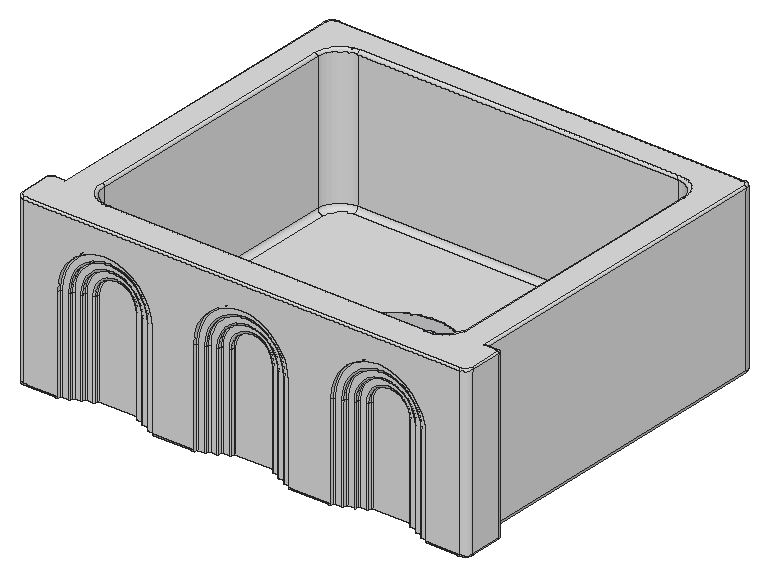
Revit family "Sink-Undermount_Kitchen-KALLISTA-Voussoir-L39742-1", category Plumbing Fixtures, host Face, Revit 2022 (continued)
Definition of nested family "L39743"
  Lines and regions (in)
    symbolic lines
      curve 198: line (8.6829129, 7.503937, 5.0006289) -> (8.6829129, 7.503937, 0.1351537)
      curve 199: line (8.734165, 7.503937, 5.0158391) -> (8.734165, 7.503937, 0.1351537)
      curve 200: line (9.2110421, 7.503937, 4.9979365) -> (9.2110421, 7.503937, 0.1351537)
      curve 201: line (9.1530501, 7.503937, 4.9899119) -> (9.1530501, 7.503937, 0.1351537)
      curve 202: line (9.0889075, 7.503937, 4.9906408) -> (9.0889075, 7.503937, 0)
      curve 203: line (9.5606032, 7.503937, 4.9753393) -> (9.5606032, 7.503937, 0)
      curve 204: line (9.6181999, 7.503937, 4.9920935) -> (9.6181999, 7.503937, 0.1351537)
      curve 205: line (9.6798383, 7.503937, 5.0069233) -> (9.6798383, 7.503937, 0.1351537)
      curve 206: line (4.6330252, 7.503937, 4.9920935) -> (4.6330252, 7.503937, 0.1351537)
      curve 207: line (4.6862121, 7.503937, 4.9753393) -> (4.6862121, 7.503937, 0)
      curve 208: line (4.5607329, 7.503937, 5.0069233) -> (4.5607329, 7.503937, 0.1351537)
      curve 209: line (5.0326054, 7.503937, 4.9979365) -> (5.0326054, 7.503937, 0.1351537)
      curve 210: line (5.0962287, 7.503937, 4.9899119) -> (5.0962287, 7.503937, 0.1351537)
      curve 211: line (5.1474807, 7.503937, 4.9906408) -> (5.1474807, 7.503937, 0)
      curve 212: line (5.6243579, 7.503937, 4.9984728) -> (5.6243579, 7.503937, 0)
      curve 213: line (5.5663659, 7.503937, 5.0006289) -> (5.5663659, 7.503937, 0.1351537)
      curve 214: line (5.5022232, 7.503937, 5.0158391) -> (5.5022232, 7.503937, 0.1351537)
      curve 215: line (5.973919, 7.503937, 4.9927232) -> (5.973919, 7.503937, 0.1351537)
      curve 216: line (6.0315156, 7.503937, 4.9871399) -> (6.0315156, 7.503937, 0.1351537)
      curve 217: line (6.0931541, 7.503937, 4.9950278) -> (6.0931541, 7.503937, 0)
      curve 218: arc (6.0931541, 7.503937, 4.9950278) -> (7.1202856, 7.503937, 6.0221593) -> (8.1474171, 7.503937, 4.9950278) r 1.0271315
      curve 219: arc (6.0315156, 7.503937, 4.9871399) -> (7.1256125, 7.503937, 6.0812368) -> (8.2197094, 7.503937, 4.9871399) r 1.0940969
      curve 220: arc (5.973919, 7.503937, 4.9927232) -> (7.1234077, 7.503937, 6.1422118) -> (8.2728963, 7.503937, 4.9927232) r 1.1494886
      curve 221: arc (5.6243579, 7.503937, 4.9984728) -> (7.1218238, 7.503937, 6.4959386) -> (8.6192896, 7.503937, 4.9984728) r 1.4974658
      curve 222: arc (5.5022232, 7.503937, 5.0158391) -> (7.1181941, 7.503937, 6.6318099) -> (8.734165, 7.503937, 5.0158391) r 1.6159709
      curve 223: arc (5.5663659, 7.503937, 5.0006289) -> (7.1246394, 7.503937, 6.5589024) -> (8.6829129, 7.503937, 5.0006289) r 1.5582735
      curve 224: arc (5.1474807, 7.503937, 4.9906408) -> (7.1181941, 7.503937, 6.9613542) -> (9.0889075, 7.503937, 4.9906408) r 1.9707134
      curve 225: arc (5.0962287, 7.503937, 4.9899119) -> (7.1246394, 7.503937, 7.0183226) -> (9.1530501, 7.503937, 4.9899119) r 2.0284107
      curve 226: arc (5.0326054, 7.503937, 4.9979365) -> (7.1218238, 7.503937, 7.0871549) -> (9.2110421, 7.503937, 4.9979365) r 2.0892184
      curve 227: arc (4.6862121, 7.503937, 4.9753393) -> (7.1234077, 7.503937, 7.4125349) -> (9.5606032, 7.503937, 4.9753393) r 2.4371956
      curve 228: arc (4.5607329, 7.503937, 5.0069233) -> (7.1202856, 7.503937, 7.566476) -> (9.6798383, 7.503937, 5.0069233) r 2.5595527
      curve 229: arc (9.6181999, 7.503937, 4.9920935) -> (7.1256125, 7.503937, 7.4846808) -> (4.6330252, 7.503937, 4.9920935) r 2.4925873
      curve 230: arc (9.6798383, 7.503937, 0.1351537) -> (9.6903466, 7.503937, 0.064518) -> (9.7209612, 7.503937, 0) r 0.2426581
      curve 231: arc (9.6181999, 7.503937, 0.1351537) -> (9.6468077, 7.503937, 0.050262) -> (9.7209612, 7.503937, 0) r 0.140259
      curve 232: arc (9.2110421, 7.503937, 0.1351537) -> (9.2213668, 7.503937, 0.0646177) -> (9.2514746, 7.503937, 0) r 0.2461057
      curve 233: arc (9.1530501, 7.503937, 0.1351537) -> (9.1802638, 7.503937, 0.0515566) -> (9.2514746, 7.503937, 0) r 0.1420069
      curve 234: arc (8.734165, 7.503937, 0.1351537) -> (8.748706, 7.503937, 0.0620148) -> (8.7901176, 7.503937, 0) r 0.1912084
      curve 235: arc (8.6829129, 7.503937, 0.1351537) -> (8.7129682, 7.503937, 0.0488992) -> (8.7901176, 7.503937, 0) r 0.138797
      curve 236: arc (8.2728963, 7.503937, 0.1351537) -> (8.2825612, 7.503937, 0.0649647) -> (8.3108364, 7.503937, 0) r 0.2596983
      curve 237: arc (8.2197094, 7.503937, 0.1351537) -> (8.2446192, 7.503937, 0.0536512) -> (8.3108364, 7.503937, 0) r 0.1457891
      curve 238: arc (5.973919, 7.503937, 0.1351537) -> (5.9584271, 7.503937, 0.0613478) -> (5.9145662, 7.503937, 0) r 0.1835573
      curve 239: arc (6.0315156, 7.503937, 0.1351537) -> (5.9982194, 7.503937, 0.0457897) -> (5.9145662, 7.503937, 0) r 0.1365706
      curve 240: arc (5.5663659, 7.503937, 0.1351537) -> (5.5495166, 7.503937, 0.0603526) -> (5.5022232, 7.503937, 0) r 0.1744611
      curve 241: arc (5.5022232, 7.503937, 0.1351537) -> (5.4857317, 7.503937, 0.0606196) -> (5.4393358, 7.503937, 0) r 0.1766757
      curve 242: arc (5.0962287, 7.503937, 0.1351537) -> (5.0635772, 7.503937, 0.046414) -> (4.9811963, 7.503937, 0) r 0.1369135
      curve 243: arc (5.0326054, 7.503937, 0.1351537) -> (5.0193191, 7.503937, 0.0628533) -> (4.9811963, 7.503937, 0) r 0.203363
      curve 244: arc (4.6330252, 7.503937, 0.1351537) -> (4.6016089, 7.503937, 0.0476024) -> (4.521695, 7.503937, 0) r 0.1377027
      curve 245: arc (4.5607329, 7.503937, 0.1351537) -> (4.5507779, 7.503937, 0.0648144) -> (4.521695, 7.503937, 0) r 0.2534778
    symbolic lines, detail levels medium+fine
      curve 6: arc (-8.3929709, -0.6510855, 0) -> (-9.2634511, -0.2905208, 0) -> (-9.6240157, 0.5799594, 0) r 1.2310449
      curve 7: line (-9.6240157, 0.5799594, 0) -> (-9.6240157, 14.7465523, 0)
      curve 8: line (8.3929709, -0.6510855, 0) -> (-8.3929709, -0.6510855, 0)
      curve 9: arc (-9.6240157, 14.7465523, 0) -> (-9.297682, 15.5343918, 0) -> (-8.5098425, 15.8607256, 0) r 1.1141732
      curve 10: line (-8.5098425, 15.8607256, 0) -> (8.5098425, 15.8607256, 0)
      curve 11: arc (-8.5098425, 15.4552137, 0) -> (-9.0109418, 15.2476516, 0) -> (-9.2185039, 14.7465523, 0) r 0.7086614
      curve 12: line (-9.2185039, 14.7465523, 0) -> (-9.2185039, 0.5799594, 0)
      curve 13: line (8.5098425, 15.4552137, 0) -> (-8.5098425, 15.4552137, 0)
      curve 14: arc (-9.2185039, 0.5799594, 0) -> (-8.9767109, -0.0037806, 0) -> (-8.3929709, -0.2455737, 0) r 0.825533
      curve 15: line (-8.3929709, -0.2455737, 0) -> (8.3929709, -0.2455737, 0)
      curve 16: line (-11.6259843, -0.1181102, 0) -> (-11.6259843, -1.8503937, 0)
      curve 17: line (-11.1122047, -0.1181102, 0) -> (-11.6259843, -0.1181102, 0)
      curve 18: arc (-10.8759843, 0.1181102, 0) -> (-10.9451716, -0.0489229, 0) -> (-11.1122047, -0.1181102, 0) r 0.2362205
      curve 19: line (-10.8759843, 16.8622047, 0) -> (-10.8759843, 0.1181102, 0)
      curve 20: arc (-11.6259843, -1.8503937, 0) -> (-11.5452656, -2.0452656, 0) -> (-11.3503937, -2.1259843, 0) r 0.2755906
      curve 21: line (-11.3503937, -2.1259843, 0) -> (11.3503937, -2.1259843, 0)
      curve 22: arc (-10.6003937, 17.1377953, 0) -> (-10.7952656, 17.0570767, 0) -> (-10.8759843, 16.8622047, 0) r 0.2755906
      curve 23: line (10.6003937, 17.1377953, 0) -> (-10.6003937, 17.1377953, 0)
      curve 27: arc (8.3929709, -0.6510855, 0) -> (9.2634511, -0.2905208, 0) -> (9.6240157, 0.5799594, 0) r 1.2310449
      curve 28: line (9.6240157, 0.5799594, 0) -> (9.6240157, 14.7465523, 0)
      curve 29: arc (9.6240157, 14.7465523, 0) -> (9.297682, 15.5343918, 0) -> (8.5098425, 15.8607256, 0) r 1.1141732
      curve 30: arc (8.5098425, 15.4552137, 0) -> (9.0109418, 15.2476516, 0) -> (9.2185039, 14.7465523, 0) r 0.7086614
      curve 31: line (9.2185039, 14.7465523, 0) -> (9.2185039, 0.5799594, 0)
      curve 32: arc (9.2185039, 0.5799594, 0) -> (8.9767109, -0.0037806, 0) -> (8.3929709, -0.2455737, 0) r 0.825533
      curve 33: line (11.6259843, -0.1181102, 0) -> (11.6259843, -1.8503937, 0)
      curve 34: line (11.1122047, -0.1181102, 0) -> (11.6259843, -0.1181102, 0)
      curve 35: arc (10.8759843, 0.1181102, 0) -> (10.9451716, -0.0489229, 0) -> (11.1122047, -0.1181102, 0) r 0.2362205
      curve 36: line (10.8759843, 16.8622047, 0) -> (10.8759843, 0.1181102, 0)
      curve 37: arc (11.6259843, -1.8503937, 0) -> (11.5452656, -2.0452656, 0) -> (11.3503937, -2.1259843, 0) r 0.2755906
      curve 38: arc (10.6003937, 17.1377953, 0) -> (10.7952656, 17.0570767, 0) -> (10.8759843, 16.8622047, 0) r 0.2755906
      curve 39: circle (0, 7.503937, 0) r 2.9527559 normal (0, 0, 1)
  Dimensions and locks (in)
    plane 25 to plane 24 = 23.48819"
    plane 22 to plane 23 = 22"
    plane 4 to plane 9 to plane 10 = 3/4" locked, 1 1/2" locked
    plane 11 to plane 8 to plane 5 = 1 1/2" locked, 3/4" locked
    plane 11 to plane 10 = 18.98819"
    aligned and locked: plane 2 to level
Types (7): name | Type | Model | Finish
  (no name) | 6 | "L39743-00-WH" | KALLISTA-Stone-WH-White_Carrara_Marble
  NM-Nero Marquina | 4 | "L39743-00-NM" | Kohler-Stone-NM-Nero_Marquina
  CCV-Calacatta Viola | 1 | "L39743-00-CCV" | KALLISTA-Stone-CCV-Calacatta_Viola
  FWG-Fusion Green Quartzite | 2 | "L39743-00-FWG" | KALLISTA-Stone-FWG-Fusion_Green_Quartzite
  MVV-Macchia Vecchia | 3 | "L39743-00-MVV" | KALLISTA-Stone-MVV-Macchia_Vecchia
  RM-Crema Marfil | 5 | "L39743-00-RM" | KALLISTA-Stone-RM-Crema_Marfil
  WH-White Carrara Marble | 6 | "L39743-00-WH" | KALLISTA-Stone-WH-White_Carrara_Marble
